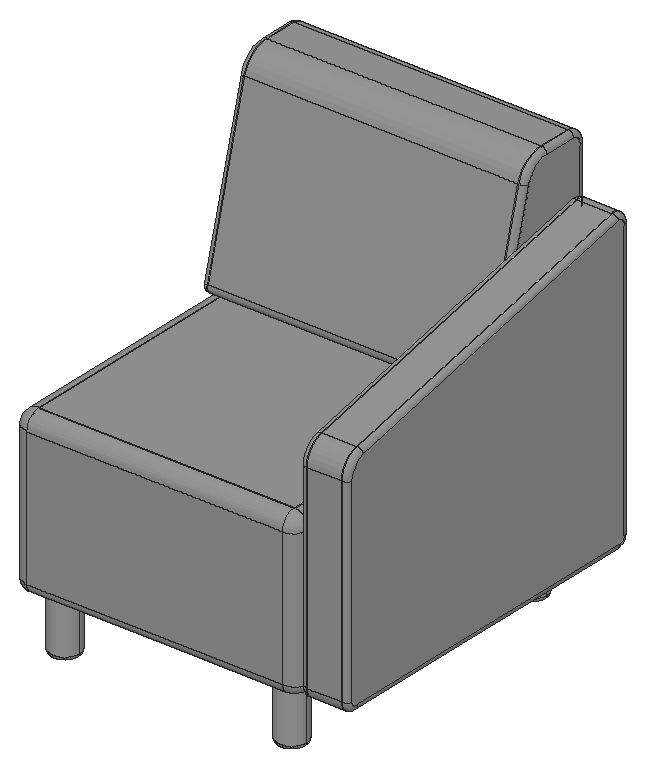
Revit family "7000CLH Single Chair Left Arm - Kids", category Generic Models, Revit 2018
Family settings
  Can host rebar = No
  Round Connector Dimension = Use Diameter
  Part Type = Normal
  Work Plane-Based = No
  Always vertical = Yes
  Cut with Voids When Loaded = No
  Shared = No
  Room Calculation Point = No
Parameters
  Top Fabric = 7000CLH Top Fabric
  Bottom Fabric = 7000CLH Bottom Fabric
  Arm Fabric = 7000CLH Arm Fabric
Reference planes (in)
  plane 1 "Center (Front/Back)": y = 0
  plane 2: z = 0
  plane 3 "Center (Left/Right)": x = 0
Forms (in)
  Extrusion 1, solid, material "7000CLH Bottom Fabric" <- "Bottom Fabric"
    sketch origin (0, 0, 0) x (1, 0, 0) y (0, 1, 0)
      loop
        arc (-8.72909, 11.25066) -> (-8.74388, 11.24454) -> (-8.75, 11.22975) r 0.02091
        line (-8.75, 11.22975) -> (-8.75, -11.22975)
        arc (-8.75, -11.22975) -> (-8.74426, -11.2436) -> (-8.73041, -11.24934) r 0.01959
        line (-8.73041, -11.24934) -> (8.73041, -11.24934)
        arc (8.73041, -11.24934) -> (8.74426, -11.2436) -> (8.75, -11.22975) r 0.01959
        line (8.75, -11.22975) -> (8.75, 11.22975)
        arc (8.75, 11.22975) -> (8.74388, 11.24454) -> (8.72909, 11.25066) r 0.02091
        line (8.72909, 11.25066) -> (-8.72909, 11.25066)
    from 4 to 15
  Sweep 2, solid, material "7000CLH Bottom Fabric" <- "Bottom Fabric"
    path origin (0, 0, 0) x (1, 0, 0) y (0, 1, 0)
      loop
        line (8.72909, 11.25066) -> (-8.72909, 11.25066)
        arc (-8.72909, 11.25066) -> (-8.74388, 11.24454) -> (-8.75, 11.22975) r 0.02091
        line (-8.75, 11.22975) -> (-8.75, -11.22975)
        arc (-8.75, -11.22975) -> (-8.74426, -11.2436) -> (-8.73041, -11.24934) r 0.01959
        line (-8.73041, -11.24934) -> (8.73041, -11.24934)
        arc (8.73041, -11.24934) -> (8.74426, -11.2436) -> (8.75, -11.22975) r 0.01959
        line (8.75, -11.22975) -> (8.75, 11.22975)
        arc (8.75, 11.22975) -> (8.74388, 11.24454) -> (8.72909, 11.25066) r 0.02091
    profile origin (0, 11.25066, 0) x (0, -1, 0) y (0, 0, 1)
      loop
        arc (0, 15) -> (-0.70711, 14.70711) -> (-1, 14) r 1
        line (-1, 14) -> (-1, 4.61745)
        arc (-1, 4.61745) -> (-0.85933, 4.22019) -> (-0.5, 4) r 0.63124
        line (-0.5, 4) -> (0, 4) -> (0, 15)
  Revolve 3, solid, material "7000C Frame"
    sketch origin (0, -10.24934, 0) x (1, 0, 0) y (0, 0, 1)
      loop
        line (-7.75, 4) -> (-7.75, 0) -> (-6.95, 0)
        arc (-6.95, 0) -> (-6.80858, 0.05858) -> (-6.75, 0.2) r 0.2
        line (-6.75, 0.2) -> (-6.75, 4) -> (-7.75, 4)
      axis (-7.75, 4) -> (-7.75, 0)
    angle from 0 to 360
  Revolve 4, solid, material "7000C Frame"
    sketch origin (0, -10.24934, 0) x (-1, 0, 0) y (0, 0, -1)
      loop
        line (-7.75, -4) -> (-6.75, -4) -> (-6.75, -0.2)
        arc (-6.75, -0.2) -> (-6.80858, -0.05858) -> (-6.95, 0) r 0.2
        line (-6.95, 0) -> (-7.75, 0) -> (-7.75, -4)
      axis (-7.75, -4) -> (-7.75, 0)
    angle from 0 to 360
  Revolve 5, solid, material "7000C Frame"
    sketch origin (0, 10.24934, 0) x (1, 0, 0) y (0, 0, -1)
      loop
        line (-7.75, -4) -> (-6.75, -4) -> (-6.75, -0.2)
        arc (-6.75, -0.2) -> (-6.80858, -0.05858) -> (-6.95, 0) r 0.2
        line (-6.95, 0) -> (-7.75, 0) -> (-7.75, -4)
      axis (-7.75, -4) -> (-7.75, 0)
    angle from 0 to 360
  Revolve 6, solid, material "7000C Frame"
    sketch origin (0, 10.24934, 0) x (-1, 0, 0) y (0, 0, 1)
      loop
        line (-7.75, 4) -> (-7.75, 0) -> (-6.95, 0)
        arc (-6.95, 0) -> (-6.80858, 0.05858) -> (-6.75, 0.2) r 0.2
        line (-6.75, 0.2) -> (-6.75, 4) -> (-7.75, 4)
      axis (-7.75, 4) -> (-7.75, 0)
    angle from 0 to 360
  Extrusion 7, solid, material "7000CLH Top Fabric" <- "Top Fabric"
    sketch origin (0, 0, 0) x (0, 1, 0) y (0, 0, 1)
      loop
        line (12.25066, 15.5) -> (12.25066, 27.5)
        arc (12.25066, 27.5) -> (11.95777, 28.20711) -> (11.25066, 28.5) r 1
        line (11.25066, 28.5) -> (8.98349, 28.5)
        arc (8.98349, 28.5) -> (7.77094, 28.09051) -> (7.05491, 27.02973) r 2
        line (7.05491, 27.02973) -> (3.92437, 15.63243)
        arc (3.92437, 15.63243) -> (4.00889, 15.19686) -> (4.40652, 15) r 0.5
        line (4.40652, 15) -> (11.75066, 15)
        arc (11.75066, 15) -> (12.10421, 15.14645) -> (12.25066, 15.5) r 0.5
    from -9.365 to 9.365
  Extrusion 8, solid, material "7000CLH Top Fabric" <- "Top Fabric"
    sketch origin (0, 0, 0) x (0, 1, 0) y (0, 0, 1)
      loop
        arc (11.75066, 15.4) -> (11.82137, 15.42929) -> (11.85066, 15.5) r 0.1
        line (11.85066, 15.5) -> (11.85066, 27.5)
        arc (11.85066, 27.5) -> (11.67492, 27.92426) -> (11.25066, 28.1) r 0.6
        line (11.25066, 28.1) -> (8.98349, 28.1)
        arc (8.98349, 28.1) -> (8.01345, 27.77241) -> (7.44063, 26.92378) r 1.6
        line (7.44063, 26.92378) -> (4.31009, 15.52649)
        arc (4.31009, 15.52649) -> (4.32699, 15.43937) -> (4.40652, 15.4) r 0.1
        line (4.40652, 15.4) -> (11.75066, 15.4)
    from -9.75 to -9.365
  Sweep 9, solid, material "7000CLH Top Fabric" <- "Top Fabric"
    path origin (0, 0, 0) x (0, 1, 0) y (0, 0, 1)
      loop
        line (11.85066, 15.5) -> (11.85066, 27.5)
        arc (11.85066, 27.5) -> (11.67492, 27.92426) -> (11.25066, 28.1) r 0.6
        line (11.25066, 28.1) -> (8.98349, 28.1)
        arc (8.98349, 28.1) -> (8.01345, 27.77241) -> (7.44063, 26.92378) r 1.6
        line (7.44063, 26.92378) -> (4.31009, 15.52649)
        arc (4.31009, 15.52649) -> (4.32699, 15.43937) -> (4.40652, 15.4) r 0.1
        line (4.40652, 15.4) -> (11.75066, 15.4)
        arc (11.75066, 15.4) -> (11.82137, 15.42929) -> (11.85066, 15.5) r 0.1
    profile origin (0, 11.85066, 21.5) x (0, -1, 0) y (1, 0, 0)
      loop
        arc (-0.4, -9.365) -> (-0.27759, -9.63811) -> (0, -9.75) r 0.40029
        line (0, -9.75) -> (0, -9.365) -> (-0.4, -9.365)
  Extrusion 10, solid, material "7000CLH Top Fabric" <- "Top Fabric"
    sketch origin (0, 0, 0) x (0, 1, 0) y (0, 0, -1)
      loop
        line (11.75066, -15.4) -> (4.40652, -15.4)
        arc (4.40652, -15.4) -> (4.32699, -15.43937) -> (4.31009, -15.52649) r 0.1
        line (4.31009, -15.52649) -> (7.44063, -26.92378)
        arc (7.44063, -26.92378) -> (8.01345, -27.77241) -> (8.98349, -28.1) r 1.6
        line (8.98349, -28.1) -> (11.25066, -28.1)
        arc (11.25066, -28.1) -> (11.67492, -27.92426) -> (11.85066, -27.5) r 0.6
        line (11.85066, -27.5) -> (11.85066, -15.5)
        arc (11.85066, -15.5) -> (11.82137, -15.42929) -> (11.75066, -15.4) r 0.1
    from -9.75 to -9.365
  Sweep 11, solid, material "7000CLH Top Fabric" <- "Top Fabric"
    path origin (0, 0, 0) x (0, 1, 0) y (0, 0, -1)
      loop
        arc (11.85066, -15.5) -> (11.82137, -15.42929) -> (11.75066, -15.4) r 0.1
        line (11.75066, -15.4) -> (4.40652, -15.4)
        arc (4.40652, -15.4) -> (4.32699, -15.43937) -> (4.31009, -15.52649) r 0.1
        line (4.31009, -15.52649) -> (7.44063, -26.92378)
        arc (7.44063, -26.92378) -> (8.01345, -27.77241) -> (8.98349, -28.1) r 1.6
        line (8.98349, -28.1) -> (11.25066, -28.1)
        arc (11.25066, -28.1) -> (11.67492, -27.92426) -> (11.85066, -27.5) r 0.6
        line (11.85066, -27.5) -> (11.85066, -15.5)
    profile origin (0, 11.85066, 21.5) x (0, 1, 0) y (-1, 0, 0)
      loop
        line (0.4, -9.365) -> (0, -9.365) -> (0, -9.75)
        arc (0, -9.75) -> (0.27759, -9.63811) -> (0.4, -9.365) r 0.40029
Dimensions and locks (in)
  aligned and locked: plane 2 to level
Nested families (in)
  nested 1: "Kids Arm" at (11.34716, 0, 0) x (-1, 0, 0) z (0, 0, 1), type "Kids Arm"
Definition of nested family "Kids Arm"
  Parameters (values of type "Kids Arm")
    Arm Fabric = none
  Reference planes (in)
    plane 1 "Center (Front/Back)": y = 0
    plane 2: z = 0
    plane 3 "Center (Left/Right)": x = 0
  Forms (in)
    Extrusion 1, solid, material <- "Arm Fabric"
      sketch origin (0, 0, 0) x (0, 1, 0) y (0, 0, 1)
        loop
          line (11.0306, 24.58996) -> (-10.73881, 19.87326)
          arc (-10.73881, 19.87326) -> (-11.64541, 19.31401) -> (-12, 18.30954) r 1.6
          line (-12, 18.30954) -> (-12, 4.8)
          arc (-12, 4.8) -> (-11.76569, 4.23431) -> (-11.2, 4) r 0.8
          line (-11.2, 4) -> (11.2, 4)
          arc (11.2, 4) -> (11.76569, 4.23431) -> (12, 4.8) r 0.8
          line (12, 4.8) -> (12, 23.8081)
          arc (12, 23.8081) -> (11.70223, 24.43081) -> (11.0306, 24.58996) r 0.8
      from -1.19716 to 1.19716
    Extrusion 2, solid, material <- "Arm Fabric"
      sketch origin (0, 0, 0) x (0, 1, 0) y (0, 0, 1)
        loop
          arc (-10.6541, 19.48233) -> (-11.33406, 19.06289) -> (-11.6, 18.30954) r 1.2
          line (-11.6, 18.30954) -> (-11.6, 4.8)
          arc (-11.6, 4.8) -> (-11.48284, 4.51716) -> (-11.2, 4.4) r 0.4
          line (-11.2, 4.4) -> (11.2, 4.4)
          arc (11.2, 4.4) -> (11.48284, 4.51716) -> (11.6, 4.8) r 0.4
          line (11.6, 4.8) -> (11.6, 23.8081)
          arc (11.6, 23.8081) -> (11.45112, 24.11946) -> (11.1153, 24.19903) r 0.4
          line (11.1153, 24.19903) -> (-10.6541, 19.48233)
      from -1.59716 to -1.19716
    Sweep 3, solid, material <- "Arm Fabric"
      path origin (0, 0, 0) x (0, 1, 0) y (0, 0, 1)
        loop
          line (11.6, 4.8) -> (11.6, 23.8081)
          arc (11.6, 23.8081) -> (11.45112, 24.11946) -> (11.1153, 24.19903) r 0.4
          line (11.1153, 24.19903) -> (-10.6541, 19.48233)
          arc (-10.6541, 19.48233) -> (-11.33406, 19.06289) -> (-11.6, 18.30954) r 1.2
          line (-11.6, 18.30954) -> (-11.6, 4.8)
          arc (-11.6, 4.8) -> (-11.48284, 4.51716) -> (-11.2, 4.4) r 0.4
          line (-11.2, 4.4) -> (11.2, 4.4)
          arc (11.2, 4.4) -> (11.48284, 4.51716) -> (11.6, 4.8) r 0.4
      profile origin (0, 11.6, 14.30405) x (0, -1, 0) y (1, 0, 0)
        loop
          line (0, -1.19716) -> (-0.4, -1.19716)
          arc (-0.4, -1.19716) -> (-0.28284, -1.48) -> (0, -1.59716) r 0.4
          line (0, -1.59716) -> (0, -1.19716)
    Extrusion 4, solid, material <- "Arm Fabric"
      sketch origin (0, 0, 0) x (0, 1, 0) y (0, 0, -1)
        loop
          line (-10.6541, -19.48233) -> (11.1153, -24.19903)
          arc (11.1153, -24.19903) -> (11.45112, -24.11946) -> (11.6, -23.8081) r 0.4
          line (11.6, -23.8081) -> (11.6, -4.8)
          arc (11.6, -4.8) -> (11.48284, -4.51716) -> (11.2, -4.4) r 0.4
          line (11.2, -4.4) -> (-11.2, -4.4)
          arc (-11.2, -4.4) -> (-11.48284, -4.51716) -> (-11.6, -4.8) r 0.4
          line (-11.6, -4.8) -> (-11.6, -18.30954)
          arc (-11.6, -18.30954) -> (-11.33406, -19.06289) -> (-10.6541, -19.48233) r 1.2
      from -1.59716 to -1.19716
    Sweep 5, solid, material <- "Arm Fabric"
      path origin (0, 0, 0) x (0, 1, 0) y (0, 0, -1)
        loop
          arc (11.6, -4.8) -> (11.48284, -4.51716) -> (11.2, -4.4) r 0.4
          line (11.2, -4.4) -> (-11.2, -4.4)
          arc (-11.2, -4.4) -> (-11.48284, -4.51716) -> (-11.6, -4.8) r 0.4
          line (-11.6, -4.8) -> (-11.6, -18.30954)
          arc (-11.6, -18.30954) -> (-11.33406, -19.06289) -> (-10.6541, -19.48233) r 1.2
          line (-10.6541, -19.48233) -> (11.1153, -24.19903)
          arc (11.1153, -24.19903) -> (11.45112, -24.11946) -> (11.6, -23.8081) r 0.4
          line (11.6, -23.8081) -> (11.6, -4.8)
      profile origin (0, 11.6, 14.30405) x (0, 1, 0) y (-1, 0, 0)
        loop
          line (0, -1.19716) -> (0, -1.59716)
          arc (0, -1.59716) -> (0.28284, -1.48) -> (0.4, -1.19716) r 0.4
          line (0.4, -1.19716) -> (0, -1.19716)
  Dimensions and locks (in)
    aligned and locked: plane 2 to level
